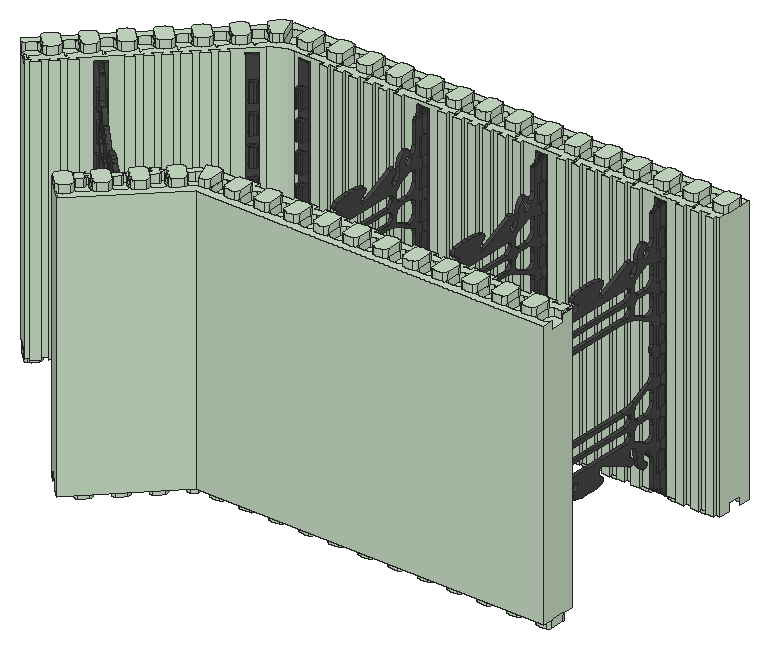
Revit family (continued)
Dimensions and locks (in)
  aligned and locked: cut or joined group 1 (Extrusion 1, Extrusion 4, Extrusion 5, Extrusion 6, Extrusion 7, Extrusion 8, Extrusion 9, Extrusion 10, Extrusion 11, Extrusion 12, Extrusion 13, Extrusion 14, Extrusion 15, Extrusion 16, Extrusion 17, Extrusion 18, Extrusion 19, Extrusion 20, Extrusion 21, Extrusion 22, Extrusion 23, Extrusion 24, Extrusion 25, Extrusion 26, Extrusion 27, Extrusion 28, Extrusion 29, Extrusion 30, Extrusion 31, Extrusion 32, Extrusion 33, Extrusion 34, Extrusion 35, Extrusion 36, Extrusion 37, Extrusion 38, Extrusion 39, Extrusion 40, Extrusion 41, Extrusion 42, Extrusion 43, Extrusion 44, Extrusion 45, Extrusion 46, Extrusion 47, Extrusion 48, Extrusion 49, Extrusion 50, Extrusion 51, Extrusion 52, Extrusion 53, Extrusion 54, Extrusion 55, Extrusion 56, Extrusion 57, Extrusion 58, Extrusion 59, Extrusion 60, Extrusion 61, Extrusion 62, Extrusion 63, Extrusion 64, Extrusion 65, Extrusion 66, Extrusion 67, Extrusion 68, Extrusion 69, Extrusion 70, Extrusion 71, Extrusion 72, Extrusion 73, Extrusion 74, Extrusion 75, Extrusion 76, Extrusion 77, Extrusion 78, Extrusion 79) to nested 86
  aligned and locked: nested 87 to nested 67
  aligned and locked: nested 88 to cut or joined group 1
Nested families (in)
  nested 1: "Interlock Tooth" at (24.95837, -3, 0), type "Interlock Tooth"
  nested 2: "Interlock Tooth" at (22.95837, -3, 0), type "Interlock Tooth"
  nested 3: "Interlock Tooth" at (20.95837, -3, 0), type "Interlock Tooth"
  nested 4: "Interlock Tooth" at (18.95837, -3, 0), type "Interlock Tooth"
  nested 5: "Interlock Tooth" at (16.95837, -3, 0), type "Interlock Tooth"
  nested 6: "Interlock Tooth" at (14.95837, -3, 0), type "Interlock Tooth"
  nested 7: "Interlock Tooth" at (12.95837, -3, 0), type "Interlock Tooth"
  nested 8: "Interlock Tooth" at (10.95837, -3, 0), type "Interlock Tooth"
  nested 9: "Interlock Tooth" at (8.95837, -3, 0), type "Interlock Tooth"
  nested 10: "Interlock Tooth" at (6.95837, -3, 0), type "Interlock Tooth"
  nested 11: "Interlock Tooth" at (-1.39702, -5.61518, 0) x (0.7071, 0.7071, 0) z (0, 0, 1), type "Interlock Tooth"
  nested 12: "Interlock Tooth" at (-2.81123, -7.02939, 0) x (0.7071, 0.7071, 0) z (0, 0, 1), type "Interlock Tooth"
  nested 13: "Interlock Tooth" at (-4.22544, -8.4436, 0) x (0.7071, 0.7071, 0) z (0, 0, 1), type "Interlock Tooth"
  nested 14: "Interlock Tooth" at (21.95837, 3, 0), type "Interlock Tooth"
  nested 15: "Interlock Tooth" at (19.95837, 3, 0), type "Interlock Tooth"
  nested 16: "Interlock Tooth" at (17.95837, 3, 0), type "Interlock Tooth"
  nested 17: "Interlock Tooth" at (15.95837, 3, 0), type "Interlock Tooth"
  nested 18: "Interlock Tooth" at (13.95837, 3, 0), type "Interlock Tooth"
  nested 19: "Interlock Tooth" at (11.95837, 3, 0), type "Interlock Tooth"
  nested 20: "Interlock Tooth" at (9.95837, 3, 0), type "Interlock Tooth"
  nested 21: "Interlock Tooth" at (7.95837, 3, 0), type "Interlock Tooth"
  nested 22: "Interlock Tooth" at (5.95837, 3, 0), type "Interlock Tooth"
  nested 23: "Interlock Tooth" at (3.95837, 3, 0), type "Interlock Tooth"
  nested 24: "Interlock Tooth" at (1.95837, 3, 0), type "Interlock Tooth"
  nested 25: "Interlock Tooth" at (-0.04163, 3, 0), type "Interlock Tooth"
  nested 26: "Interlock Tooth" at (-2.04163, 3, 0), type "Interlock Tooth"
  nested 27: "Interlock Tooth" at (-2.09188, 2.15076, 0) x (0.7071, 0.7071, 0) z (0, 0, 1), type "Interlock Tooth"
  nested 28: "Interlock Tooth" at (-3.5061, 0.73654, 0) x (0.7071, 0.7071, 0) z (0, 0, 1), type "Interlock Tooth"
  nested 29: "Interlock Tooth" at (-4.92031, -0.67767, 0) x (0.7071, 0.7071, 0) z (0, 0, 1), type "Interlock Tooth"
  nested 30: "Interlock Tooth" at (-6.33452, -2.09188, 0) x (0.7071, 0.7071, 0) z (0, 0, 1), type "Interlock Tooth"
  nested 31: "Interlock Tooth" at (-3.51834, -7.7365, -18.5) x (0.7071, 0.7071, 0) z (0, 0, 1), type "Interlock Tooth"
  nested 32: "Interlock Tooth" at (-2.10412, -6.32228, -18.5) x (0.7071, 0.7071, 0) z (0, 0, 1), type "Interlock Tooth"
  nested 33: "Interlock Tooth" at (-13.3172, 3.47658, -18.5) x (0.7071, 0.7071, 0) z (0, 0, 1), type "Interlock Tooth"
  nested 34: "Interlock Tooth" at (-11.90299, 4.8908, -18.5) x (0.7071, 0.7071, 0) z (0, 0, 1), type "Interlock Tooth"
  nested 35: "Interlock Tooth" at (-10.48878, 6.30501, -18.5) x (0.7071, 0.7071, 0) z (0, 0, 1), type "Interlock Tooth"
  nested 36: "Interlock Tooth" at (-9.07456, 7.71922, -18.5) x (0.7071, 0.7071, 0) z (0, 0, 1), type "Interlock Tooth"
  nested 37: "Interlock Tooth" at (-7.66035, 9.13344, -18.5) x (0.7071, 0.7071, 0) z (0, 0, 1), type "Interlock Tooth"
  nested 38: "Interlock Tooth" at (-0.04163, 3, -18.5) x (-1, 0, 0) z (0, 0, 1), type "Interlock Tooth"
  nested 39: "Interlock Tooth" at (1.95837, 3, -18.5) x (-1, 0, 0) z (0, 0, 1), type "Interlock Tooth"
  nested 40: "Interlock Tooth" at (3.95837, 3, -18.5) x (-1, 0, 0) z (0, 0, 1), type "Interlock Tooth"
  nested 41: "Interlock Tooth" at (5.95837, 3, -18.5) x (-1, 0, 0) z (0, 0, 1), type "Interlock Tooth"
  nested 42: "Interlock Tooth" at (7.95837, 3, -18.5) x (-1, 0, 0) z (0, 0, 1), type "Interlock Tooth"
  nested 43: "Interlock Tooth" at (9.95837, 3, -18.5) x (-1, 0, 0) z (0, 0, 1), type "Interlock Tooth"
  nested 44: "Interlock Tooth" at (11.95837, 3, -18.5) x (-1, 0, 0) z (0, 0, 1), type "Interlock Tooth"
  nested 45: "Interlock Tooth" at (13.95837, 3, -18.5) x (-1, 0, 0) z (0, 0, 1), type "Interlock Tooth"
  nested 46: "Interlock Tooth" at (15.95837, 3, -18.5) x (-1, 0, 0) z (0, 0, 1), type "Interlock Tooth"
  nested 47: "Interlock Tooth" at (17.95837, 3, -18.5) x (-1, 0, 0) z (0, 0, 1), type "Interlock Tooth"
  nested 48: "Interlock Tooth" at (19.95837, 3, -18.5) x (-1, 0, 0) z (0, 0, 1), type "Interlock Tooth"
  nested 49: "Interlock Tooth" at (21.95837, 3, -18.5) x (-1, 0, 0) z (0, 0, 1), type "Interlock Tooth"
  nested 50: "Interlock Tooth" at (26.95837, -3, -18.5) x (-1, 0, 0) z (0, 0, 1), type "Interlock Tooth"
  nested 51: "Interlock Tooth" at (24.95837, -3, -18.5) x (-1, 0, 0) z (0, 0, 1), type "Interlock Tooth"
  nested 52: "Interlock Tooth" at (22.95837, -3, -18.5) x (-1, 0, 0) z (0, 0, 1), type "Interlock Tooth"
  nested 53: "Interlock Tooth" at (20.95837, -3, -18.5) x (-1, 0, 0) z (0, 0, 1), type "Interlock Tooth"
  nested 54: "Interlock Tooth" at (18.95837, -3, -18.5) x (-1, 0, 0) z (0, 0, 1), type "Interlock Tooth"
  nested 55: "Interlock Tooth" at (16.95837, -3, -18.5) x (-1, 0, 0) z (0, 0, 1), type "Interlock Tooth"
  nested 56: "Interlock Tooth" at (14.95837, -3, -18.5) x (-1, 0, 0) z (0, 0, 1), type "Interlock Tooth"
  nested 57: "Interlock Tooth" at (12.95837, -3, -18.5) x (-1, 0, 0) z (0, 0, 1), type "Interlock Tooth"
  nested 58: "Interlock Tooth" at (10.95837, -3, -18.5) x (-1, 0, 0) z (0, 0, 1), type "Interlock Tooth"
  nested 59: "Interlock Tooth" at (8.95837, -3, -18.5) x (-1, 0, 0) z (0, 0, 1), type "Interlock Tooth"
  nested 60: "Interlock Tooth" at (6.95837, -3, -18.5) x (-1, 0, 0) z (0, 0, 1), type "Interlock Tooth"
  nested 61: "Capture Lugs" at (-1.04163, 3, 0) x (-1, 0, 0) z (0, 0, 1), type "Capture Lugs"
  nested 62: "Capture Lugs" at (-1.38478, 2.85786, 0) x (-0.7071, -0.7071, 0) z (0, 0, 1), type "Capture Lugs"
  nested 63: "NUDURA Diamond Pattern" at (18.95837, -3.01154, 0), type "NUDURA Diamond Pattern"
  nested 64: "NUDURA Diamond Pattern" at (2.95837, -3, 0), type "NUDURA Diamond Pattern"
  nested 65: "NUDURA Diamond Pattern" at (18.95837, 3, 0), type "NUDURA Diamond Pattern"
  nested 66: "NUDURA Diamond Pattern" at (10.95837, 3, 0), type "NUDURA Diamond Pattern"
  nested 67: "NUDURA Logo Diamond" at (-2.53564, 9.66196, 0) x (-0.7071, -0.7071, 0) z (0, 0, 1), type "NUDURA Logo Diamond"
  nested 68: "NUDURA Logo Diamond" at (2.96093, -8.625, 0), type "NUDURA Logo Diamond"
  nested 69: "NUDURA Logo Diamond Missing Outside Line" at (18.95581, 8.625, 0) x (-1, 0, 0) z (0, 0, 1), type "NUDURA Logo Diamond without Outside Line"
  nested 70: "Interlock Tooth" at (23.95837, 3, 0), type "Interlock Tooth"
  nested 71: "Interlock Tooth" at (23.95837, 3, -18.5) x (-1, 0, 0) z (0, 0, 1), type "Interlock Tooth"
  nested 72: "Interlock Tooth" at (-7.74874, -3.5061, 0) x (0.7071, 0.7071, 0) z (0, 0, 1), type "Interlock Tooth"
  nested 73: "Interlock Tooth" at (-14.73142, 2.06237, -18.5) x (0.7071, 0.7071, 0) z (0, 0, 1), type "Interlock Tooth"
  nested 74: "Interlock Tooth" at (4.95837, -3, 0), type "Interlock Tooth"
  nested 75: "Interlock Tooth" at (-4.93255, -9.15071, -18.5) x (0.7071, 0.7071, 0) z (0, 0, 1), type "Interlock Tooth"
  nested 76: "Interlock Tooth" at (25.95837, 3, 0), type "Interlock Tooth"
  nested 77: "Interlock Tooth" at (25.95837, 3, -18.5) x (-1, 0, 0) z (0, 0, 1), type "Interlock Tooth"
  nested 78: "Interlock Tooth" at (-9.16295, -4.92031, 0) x (0.7071, 0.7071, 0) z (0, 0, 1), type "Interlock Tooth"
  nested 79: "Interlock Tooth" at (-5.63966, -9.85782, 0) x (0.7071, 0.7071, 0) z (0, 0, 1), type "Interlock Tooth"
  nested 80: "Interlock Tooth" at (4.95837, -3, -18.5) x (-1, 0, 0) z (0, 0, 1), type "Interlock Tooth"
  nested 81: "Interlock Tooth" at (-16.14563, 0.64816, -18.5) x (0.7071, 0.7071, 0) z (0, 0, 1), type "Interlock Tooth"
  nested 82: "12-inch Insert Web" at (22.95837, 0, 0), type "12-inch Insert Web"
  nested 83: "12-inch Insert Web" at (14.95837, 0, 0), type "12-inch Insert Web"
  nested 84: "12-inch Insert Web" at (6.95837, 0, 0), type "12-inch Insert Web"
  nested 85: "12-inch Insert Web" at (-4.92031, -4.92031, 0) x (0.7071, 0.7071, 0) z (0, 0, 1), type "12-inch Insert Web"
  nested 86: "NUDURA Diamond Pattern" at (-5.04163, 14.25, 0), type "NUDURA Diamond Pattern"
  nested 87: "NUDURA Diamond Pattern" at (1.44365, 5.68629, 0) x (-0.7071, -0.7071, 0) z (0, 0, 1), type "NUDURA Diamond Pattern"
  nested 88: "NUDURA Diamond Pattern Missing One Line" at (-5.62742, -9.87006, 0) x (0.7071, 0.7071, 0) z (0, 0, 1), type "NUDURA Diamond Pattern Missing One Line"
Definition of nested family "Interlock Tooth"
  Reference planes (in)
    plane 1 "Center (Front/Back)": y = 0
    plane 2: z = 0
    plane 3 "Center (Left/Right)": x = 0
    plane 4: z = 18
    plane 5: z = 18.5
    plane 6: z = -0.5
  Forms (in)
    Extrusion 1, solid, material "NUDURA Expanded Polystyrene Foam Insulation"
      sketch origin (0, -8.875, 0) x (1, 0, 0) y (0, 1, 0)
        loop
          arc (0, 3.97692) -> (0.04785, 3.82983) -> (0.17308, 3.73905) r 0.25
          arc (0.17308, 3.73905) -> (0.5, 3.6875) -> (0.82692, 3.73905) r 1.0625
          arc (0.82692, 3.73905) -> (0.95215, 3.82983) -> (1, 3.97692) r 0.25
          line (1, 3.97692) -> (1, 4.89808)
          arc (1, 4.89808) -> (0.95215, 5.04517) -> (0.82692, 5.13595) r 0.25
          arc (0.82692, 5.13595) -> (0.5, 5.1875) -> (0.17308, 5.13595) r 1.0625
          arc (0.17308, 5.13595) -> (0.04785, 5.04517) -> (0, 4.89808) r 0.25
          line (0, 4.89808) -> (0, 3.97692)
      from 18 to 18.5
  Dimensions and locks (in)
    locked: plane 4 to level at 18
    locked: plane 4 to plane 5 at 0.5
    locked: plane 6 to level at 0.5
Definition of nested family "Capture Lugs"
  Reference planes (in)
    plane 1 "Center (Front/Back)": y = 0
    plane 2: z = 0
    plane 3 "Center (Left/Right)": x = 0
  Forms (in)
    Extrusion 1, solid, material "High Density Polystyrene"
      sketch origin (0, 0, 0) x (0, 1, 0) y (0, 0, 1)
        loop
          arc (-3.25, 0) -> (-3.22112, 0.01975) -> (-3.21, 0.05292) r 0.055
          line (-3.21, 0.05292) -> (-3.21, 17.69292)
          arc (-3.21, 17.69292) -> (-3.22112, 17.72608) -> (-3.25, 17.74583) r 0.055
          line (-3.25, 17.74583) -> (-3.25, 0)
      from 0.36328 to -0.36328
    Extrusion 2, solid, material "High Density Polystyrene"
      sketch origin (0, 0, 0) x (0, 1, 0) y (0, 0, 1)
        loop
          line (-3.21, 16.17792) -> (-3.21, 14.97792) -> (-2.71, 14.97792) -> (-2.71, 16.17792) -> (-3.21, 16.17792)
        loop
          line (-3.21, 14.22792) -> (-3.21, 13.02792) -> (-2.71, 13.02792) -> (-2.71, 14.22792) -> (-3.21, 14.22792)
        loop
          line (-3.21, 12.27792) -> (-3.21, 11.07792) -> (-2.71, 11.07792) -> (-2.71, 12.27792) -> (-3.21, 12.27792)
        loop
          line (-3.21, 10.32792) -> (-3.21, 9.24792) -> (-2.71, 9.24792) -> (-2.71, 10.32792) -> (-3.21, 10.32792)
        loop
          line (-3.21, 8.49792) -> (-3.21, 7.41792) -> (-2.71, 7.41792) -> (-2.71, 8.49792) -> (-3.21, 8.49792)
        loop
          line (-3.21, 6.66792) -> (-3.21, 5.46792) -> (-2.71, 5.46792) -> (-2.71, 6.66792) -> (-3.21, 6.66792)
        loop
          line (-3.21, 4.71792) -> (-3.21, 3.51792) -> (-2.71, 3.51792) -> (-2.71, 4.71792) -> (-3.21, 4.71792)
        loop
          line (-3.21, 2.76792) -> (-3.21, 1.56792) -> (-2.71, 1.56792) -> (-2.71, 2.76792) -> (-3.21, 2.76792)
      from 0.25 to -0.25
    Extrusion 3, void
      sketch origin (0, 0, 0) x (1, 0, 0) y (0, 1, 0)
        loop
          arc (-0.25, -2.79249) -> (-0.22584, -2.73416) -> (-0.1675, -2.71) r 0.0825
          line (-0.1675, -2.71) -> (-0.25, -2.71) -> (-0.25, -2.79249)
      from 0 to 18
    Extrusion 4, void
      sketch origin (0, 0, 0) x (-1, 0, 0) y (0, -1, 0)
        loop
          line (-0.25, 2.79249) -> (-0.25, 2.71) -> (-0.1675, 2.71)
          arc (-0.1675, 2.71) -> (-0.22584, 2.73416) -> (-0.25, 2.79249) r 0.0825
      from 0 to 18
    Extrusion 5, void
      sketch origin (0, 0, 0) x (1, 0, 0) y (0, 1, 0)
        loop
          arc (-0.04687, -2.835) -> (0, -3.07587) -> (0.04688, -2.835) r 0.125
          line (0.04688, -2.835) -> (0.04688, -2.71) -> (-0.04687, -2.71) -> (-0.04687, -2.835)
      from 0 to 18
  Cuts and joins
    Extrusion 3, Extrusion 4 cuts Extrusion 1
    Extrusion 3, Extrusion 4, Extrusion 5 cuts Extrusion 2
Definition of nested family "12-inch Insert Web"
  Reference planes (in)
    plane 1 "Center (Front/Back)": y = 0
    plane 2: z = 0
    plane 3 "Center (Left/Right)": x = 0
  Forms (in)
    Extrusion 1, solid, material "High Density Polystyrene"
      sketch origin (0, 0, 0) x (0, 1, 0) y (0, 0, 1)
        loop
          line (6.25, 0) -> (6.25, 17.74583)
          arc (6.25, 17.74583) -> (6.22112, 17.72608) -> (6.21, 17.69292) r 0.055
          line (6.21, 17.69292) -> (6.21, 0.05292)
          arc (6.21, 0.05292) -> (6.22112, 0.01975) -> (6.25, 0) r 0.055
        loop
          arc (-6.25, 0) -> (-6.22112, 0.01975) -> (-6.21, 0.05292) r 0.055
          line (-6.21, 0.05292) -> (-6.21, 17.69292)
          arc (-6.21, 17.69292) -> (-6.22112, 17.72608) -> (-6.25, 17.74583) r 0.055
          line (-6.25, 17.74583) -> (-6.25, 0)
      from 0.36328 to -0.36328
    Extrusion 2, solid, material "High Density Polystyrene"
      sketch origin (0, 0, 0) x (0, 1, 0) y (0, 0, 1)
        loop
          arc (6.18889, 17.40785) -> (6.20374, 17.40241) -> (6.21, 17.38789) r 0.02
          line (6.21, 17.38789) -> (6.21, 17.63668)
          arc (6.21, 17.63668) -> (6.20585, 17.62147) -> (6.19457, 17.61045) r 0.03
          line (6.19457, 17.61045) -> (6.12543, 17.57204)
          arc (6.12543, 17.57204) -> (6.11414, 17.56103) -> (6.11, 17.54582) r 0.03
          line (6.11, 17.54582) -> (6.11, 17.42461)
          arc (6.11, 17.42461) -> (6.11625, 17.41008) -> (6.13111, 17.40464) r 0.02
          line (6.13111, 17.40464) -> (6.18889, 17.40785)
        loop
          line (-6.12543, 17.57204) -> (-6.19457, 17.61045)
          arc (-6.19457, 17.61045) -> (-6.20585, 17.62147) -> (-6.21, 17.63668) r 0.03
          line (-6.21, 17.63668) -> (-6.21, 17.38789)
          arc (-6.21, 17.38789) -> (-6.20374, 17.40241) -> (-6.18889, 17.40785) r 0.02
          line (-6.18889, 17.40785) -> (-6.13111, 17.40464)
          arc (-6.13111, 17.40464) -> (-6.11625, 17.41008) -> (-6.11, 17.42461) r 0.02
          line (-6.11, 17.42461) -> (-6.11, 17.54582)
          arc (-6.11, 17.54582) -> (-6.11414, 17.56103) -> (-6.12543, 17.57204) r 0.03
        loop
          line (6.18889, 0.33798) -> (6.13111, 0.34119)
          arc (6.13111, 0.34119) -> (6.11625, 0.33575) -> (6.11, 0.32122) r 0.02
          line (6.11, 0.32122) -> (6.11, 0.20001)
          arc (6.11, 0.20001) -> (6.11414, 0.1848) -> (6.12543, 0.17379) r 0.03
          line (6.12543, 0.17379) -> (6.19457, 0.13538)
          arc (6.19457, 0.13538) -> (6.20585, 0.12437) -> (6.21, 0.10915) r 0.03
          line (6.21, 0.10915) -> (6.21, 0.35795)
          arc (6.21, 0.35795) -> (6.20374, 0.34342) -> (6.18889, 0.33798) r 0.02
        loop
          arc (-6.12543, 0.17379) -> (-6.11414, 0.1848) -> (-6.11, 0.20001) r 0.03
          line (-6.11, 0.20001) -> (-6.11, 0.32122)
          arc (-6.11, 0.32122) -> (-6.11625, 0.33575) -> (-6.13111, 0.34119) r 0.02
          line (-6.13111, 0.34119) -> (-6.18889, 0.33798)
          arc (-6.18889, 0.33798) -> (-6.20374, 0.34342) -> (-6.21, 0.35795) r 0.02
          line (-6.21, 0.35795) -> (-6.21, 0.10915)
          arc (-6.21, 0.10915) -> (-6.20585, 0.12437) -> (-6.19457, 0.13538) r 0.03
          line (-6.19457, 0.13538) -> (-6.12543, 0.17379)
        loop
          line (6, 17.20772) -> (5.925, 17.43772)
          arc (5.925, 17.43772) -> (5.875, 17.46772) -> (5.825, 17.43772) r 0.05667
          line (5.825, 17.43772) -> (5.77609, 17.28772) -> (5.64893, 17.28772)
          arc (5.64893, 17.28772) -> (5.61433, 17.27339) -> (5.6, 17.2388) r 0.04893
          line (5.6, 17.2388) -> (5.6, 17.20772) -> (5.5, 17.20772) -> (5.5, 15.75595)
          arc (5.5, 15.75595) -> (5.43087, 15.489) -> (5.24086, 15.28915) r 0.55
          arc (5.24086, 15.28915) -> (5.19232, 15.23289) -> (5.1843, 15.15901) r 0.125
          arc (5.1843, 15.15901) -> (4.73923, 14.83241) -> (4.77171, 15.3835) r 0.305
          arc (4.77171, 15.3835) -> (4.89426, 15.66948) -> (4.60829, 15.79202) r 0.22
          arc (4.60829, 15.79202) -> (4.25428, 15.49683) -> (4.14171, 15.04986) r 0.745
          arc (4.14171, 15.04986) -> (4.09808, 14.63491) -> (3.96932, 14.23805) r 2
          arc (3.96932, 14.23805) -> (3.47025, 14.23431) -> (3.63581, 14.70513) r 0.305
          arc (3.63581, 14.70513) -> (3.78874, 15.03658) -> (3.43743, 15.1357) r 0.24
          line (3.43743, 15.1357) -> (1.31021, 14.13634)
          arc (1.31021, 14.13634) -> (0.87667, 14.28198) -> (1.07505, 14.69406) r 0.305
          arc (1.07505, 14.69406) -> (1.24991, 14.91838) -> (1.08783, 15.15211) r 0.24
          arc (1.08783, 15.15211) -> (0.76801, 15.23299) -> (0.43924, 15.2602) r 2
          line (0.43924, 15.2602) -> (0, 15.2602) -> (-0.43924, 15.2602)
          arc (-0.43924, 15.2602) -> (-0.76801, 15.23299) -> (-1.08783, 15.15211) r 2
          arc (-1.08783, 15.15211) -> (-1.24991, 14.91838) -> (-1.07505, 14.69406) r 0.24
          arc (-1.07505, 14.69406) -> (-0.87667, 14.28198) -> (-1.31021, 14.13634) r 0.305
          line (-1.31021, 14.13634) -> (-3.43743, 15.1357)
          arc (-3.43743, 15.1357) -> (-3.78874, 15.03658) -> (-3.63581, 14.70513) r 0.24
          arc (-3.63581, 14.70513) -> (-3.47025, 14.23431) -> (-3.96932, 14.23805) r 0.305
          arc (-3.96932, 14.23805) -> (-4.09808, 14.63491) -> (-4.14171, 15.04986) r 2
          arc (-4.14171, 15.04986) -> (-4.25428, 15.49683) -> (-4.60829, 15.79202) r 0.745
          arc (-4.60829, 15.79202) -> (-4.89426, 15.66948) -> (-4.77171, 15.3835) r 0.22
          arc (-4.77171, 15.3835) -> (-4.73923, 14.83241) -> (-5.1843, 15.15901) r 0.305
          arc (-5.1843, 15.15901) -> (-5.19232, 15.23289) -> (-5.24086, 15.28915) r 0.125
          arc (-5.24086, 15.28915) -> (-5.43087, 15.489) -> (-5.5, 15.75595) r 0.55
          line (-5.5, 15.75595) -> (-5.5, 17.20772) -> (-5.6, 17.20772) -> (-5.6, 17.2388)
          arc (-5.6, 17.2388) -> (-5.61433, 17.27339) -> (-5.64893, 17.28772) r 0.04893
          line (-5.64893, 17.28772) -> (-5.77609, 17.28772) -> (-5.825, 17.43772)
          arc (-5.825, 17.43772) -> (-5.875, 17.46772) -> (-5.925, 17.43772) r 0.05667
          line (-5.925, 17.43772) -> (-6, 17.20772) -> (-6, 0.66519) -> (-5.925, 0.43519)
          arc (-5.925, 0.43519) -> (-5.875, 0.40519) -> (-5.825, 0.43519) r 0.05667
          line (-5.825, 0.43519) -> (-5.77609, 0.58519) -> (-5.64893, 0.58519)
          arc (-5.64893, 0.58519) -> (-5.61433, 0.59952) -> (-5.6, 0.63412) r 0.04893
          line (-5.6, 0.63412) -> (-5.6, 0.66519) -> (-5.5, 0.66519) -> (-5.5, 2.24405)
          arc (-5.5, 2.24405) -> (-5.43087, 2.511) -> (-5.24086, 2.71085) r 0.55
          arc (-5.24086, 2.71085) -> (-5.19232, 2.76711) -> (-5.1843, 2.84099) r 0.125
          arc (-5.1843, 2.84099) -> (-4.73923, 3.16759) -> (-4.77171, 2.6165) r 0.305
          arc (-4.77171, 2.6165) -> (-4.89426, 2.33052) -> (-4.60829, 2.20798) r 0.22
          arc (-4.60829, 2.20798) -> (-4.25428, 2.50317) -> (-4.14171, 2.95014) r 0.745
          arc (-4.14171, 2.95014) -> (-4.09808, 3.36509) -> (-3.96932, 3.76195) r 2
          arc (-3.96932, 3.76195) -> (-3.47025, 3.76569) -> (-3.63581, 3.29487) r 0.305
          arc (-3.63581, 3.29487) -> (-3.78874, 2.96342) -> (-3.43743, 2.8643) r 0.24
          line (-3.43743, 2.8643) -> (-1.31021, 3.86366)
          arc (-1.31021, 3.86366) -> (-0.87667, 3.71802) -> (-1.07505, 3.30594) r 0.305
          arc (-1.07505, 3.30594) -> (-1.24991, 3.08162) -> (-1.08783, 2.84789) r 0.24
          arc (-1.08783, 2.84789) -> (-0.76801, 2.76701) -> (-0.43924, 2.7398) r 2
          line (-0.43924, 2.7398) -> (0, 2.7398) -> (0.43924, 2.7398)
          arc (0.43924, 2.7398) -> (0.76801, 2.76701) -> (1.08783, 2.84789) r 2
          arc (1.08783, 2.84789) -> (1.24991, 3.08162) -> (1.07505, 3.30594) r 0.24
          arc (1.07505, 3.30594) -> (0.87667, 3.71802) -> (1.31021, 3.86366) r 0.305
          line (1.31021, 3.86366) -> (3.43743, 2.8643)
          arc (3.43743, 2.8643) -> (3.78874, 2.96342) -> (3.63581, 3.29487) r 0.24
          arc (3.63581, 3.29487) -> (3.47025, 3.76569) -> (3.96932, 3.76195) r 0.305
          arc (3.96932, 3.76195) -> (4.09808, 3.36509) -> (4.14171, 2.95014) r 2
          arc (4.14171, 2.95014) -> (4.25428, 2.50317) -> (4.60829, 2.20798) r 0.745
          arc (4.60829, 2.20798) -> (4.89426, 2.33052) -> (4.77171, 2.6165) r 0.22
          arc (4.77171, 2.6165) -> (4.73923, 3.16759) -> (5.1843, 2.84099) r 0.305
          arc (5.1843, 2.84099) -> (5.19232, 2.76711) -> (5.24086, 2.71085) r 0.125
          arc (5.24086, 2.71085) -> (5.43087, 2.511) -> (5.5, 2.24405) r 0.55
          line (5.5, 2.24405) -> (5.5, 0.66519) -> (5.6, 0.66519) -> (5.6, 0.63412)
          arc (5.6, 0.63412) -> (5.61433, 0.59952) -> (5.64893, 0.58519) r 0.04893
          line (5.64893, 0.58519) -> (5.77609, 0.58519) -> (5.825, 0.43519)
          arc (5.825, 0.43519) -> (5.875, 0.40519) -> (5.925, 0.43519) r 0.05667
          line (5.925, 0.43519) -> (6, 0.66519) -> (6, 17.20772)
        loop
          arc (3.02319, 4.29202) -> (3.16251, 4.2877) -> (3.3013, 4.27477) r 2.25
          arc (3.3013, 4.27477) -> (3.48148, 4.41353) -> (3.6, 4.60763) r 0.62421
          line (3.6, 4.60763) -> (3.6, 4.73363)
          arc (3.6, 4.73363) -> (3.4551, 4.96314) -> (3.22579, 5.10835) r 0.61747
          line (3.22579, 5.10835) -> (0, 5.10835) -> (-3.22579, 5.10835)
          arc (-3.22579, 5.10835) -> (-3.4551, 4.96314) -> (-3.6, 4.73363) r 0.61747
          line (-3.6, 4.73363) -> (-3.6, 4.60763)
          arc (-3.6, 4.60763) -> (-3.48148, 4.41353) -> (-3.3013, 4.27477) r 0.62421
          arc (-3.3013, 4.27477) -> (-3.16251, 4.2877) -> (-3.02319, 4.29202) r 2.25
          line (-3.02319, 4.29202) -> (0, 4.29202) -> (3.02319, 4.29202)
        loop
          line (4.08806, 4.02826) -> (4.96605, 3.61736)
          arc (4.96605, 3.61736) -> (5.32627, 3.64059) -> (5.5, 3.95701) r 0.375
          line (5.5, 3.95701) -> (5.5, 4.48373)
          arc (5.5, 4.48373) -> (5.31694, 4.92567) -> (4.875, 5.10873) r 0.625
          line (4.875, 5.10873) -> (4.3, 5.10873)
          arc (4.3, 5.10873) -> (3.94645, 4.96229) -> (3.8, 4.60873) r 0.5
          line (3.8, 4.60873) -> (3.8, 4.48112)
          arc (3.8, 4.48112) -> (3.87812, 4.21276) -> (4.08806, 4.02826) r 0.5
        loop
          line (5.5, 5.91373) -> (5.5, 6.44046)
          arc (5.5, 6.44046) -> (5.32627, 6.75687) -> (4.96605, 6.78011) r 0.375
          line (4.96605, 6.78011) -> (4.08806, 6.36921)
          arc (4.08806, 6.36921) -> (3.87812, 6.18471) -> (3.8, 5.91635) r 0.5
          line (3.8, 5.91635) -> (3.8, 5.78873)
          arc (3.8, 5.78873) -> (3.94645, 5.43518) -> (4.3, 5.28873) r 0.5
          line (4.3, 5.28873) -> (4.875, 5.28873)
          arc (4.875, 5.28873) -> (5.31694, 5.47179) -> (5.5, 5.91373) r 0.625
        loop
          arc (3.30123, 6.1222) -> (3.16288, 6.10935) -> (3.02401, 6.10506) r 2.25
          line (3.02401, 6.10506) -> (0, 6.10506) -> (-3.02401, 6.10506)
          arc (-3.02401, 6.10506) -> (-3.16288, 6.10935) -> (-3.30123, 6.1222) r 2.25
          arc (-3.30123, 6.1222) -> (-3.48146, 5.98344) -> (-3.6, 5.7893) r 0.62421
          line (-3.6, 5.7893) -> (-3.6, 5.66335)
          arc (-3.6, 5.66335) -> (-3.45481, 5.43354) -> (-3.225, 5.28835) r 0.61747
          line (-3.225, 5.28835) -> (0, 5.28835) -> (3.225, 5.28835)
          arc (3.225, 5.28835) -> (3.45481, 5.43354) -> (3.6, 5.66335) r 0.61747
          line (3.6, 5.66335) -> (3.6, 5.7893)
          arc (3.6, 5.7893) -> (3.48146, 5.98344) -> (3.30123, 6.1222) r 0.62421
        loop
          arc (-4.08806, 4.02826) -> (-3.87812, 4.21276) -> (-3.8, 4.48112) r 0.5
          line (-3.8, 4.48112) -> (-3.8, 4.60873)
          arc (-3.8, 4.60873) -> (-3.94645, 4.96229) -> (-4.3, 5.10873) r 0.5
          line (-4.3, 5.10873) -> (-4.875, 5.10873)
          arc (-4.875, 5.10873) -> (-5.31694, 4.92567) -> (-5.5, 4.48373) r 0.625
          line (-5.5, 4.48373) -> (-5.5, 3.95701)
          arc (-5.5, 3.95701) -> (-5.32627, 3.64059) -> (-4.96605, 3.61736) r 0.375
          line (-4.96605, 3.61736) -> (-4.08806, 4.02826)
        loop
          arc (-5.5, 5.91373) -> (-5.31694, 5.47179) -> (-4.875, 5.28873) r 0.625
          line (-4.875, 5.28873) -> (-4.3, 5.28873)
          arc (-4.3, 5.28873) -> (-3.94645, 5.43518) -> (-3.8, 5.78873) r 0.5
          line (-3.8, 5.78873) -> (-3.8, 5.91635)
          arc (-3.8, 5.91635) -> (-3.87812, 6.18471) -> (-4.08806, 6.36921) r 0.5
          line (-4.08806, 6.36921) -> (-4.96605, 6.78011)
          arc (-4.96605, 6.78011) -> (-5.32627, 6.75687) -> (-5.5, 6.44046) r 0.375
          line (-5.5, 6.44046) -> (-5.5, 5.91373)
        loop
          line (5.5, 7.54678) -> (5.5, 8.68765) -> (5.38, 8.88765) -> (5.38, 9) -> (5.38, 9.11235) -> (5.5, 9.31235) -> (5.5, 10.45322)
          arc (5.5, 10.45322) -> (5.42188, 10.72158) -> (5.21194, 10.90608) r 0.5
          line (5.21194, 10.90608) -> (3.95372, 11.49492)
          arc (3.95372, 11.49492) -> (3.48851, 11.65338) -> (3, 11.70705) r 2.25
          line (3, 11.70705) -> (0, 11.70705) -> (-3, 11.70705)
          arc (-3, 11.70705) -> (-3.48851, 11.65338) -> (-3.95372, 11.49492) r 2.25
          line (-3.95372, 11.49492) -> (-5.21194, 10.90608)
          arc (-5.21194, 10.90608) -> (-5.42188, 10.72158) -> (-5.5, 10.45322) r 0.5
          line (-5.5, 10.45322) -> (-5.5, 9.31235) -> (-5.38, 9.11235) -> (-5.38, 9) -> (-5.38, 8.88765) -> (-5.5, 8.68765) -> (-5.5, 7.54678)
          arc (-5.5, 7.54678) -> (-5.42188, 7.27842) -> (-5.21194, 7.09392) r 0.5
          line (-5.21194, 7.09392) -> (-3.95372, 6.50508)
          arc (-3.95372, 6.50508) -> (-3.48851, 6.34662) -> (-3, 6.29295) r 2.25
          line (-3, 6.29295) -> (0, 6.29295) -> (3, 6.29295)
          arc (3, 6.29295) -> (3.48851, 6.34662) -> (3.95372, 6.50508) r 2.25
          line (3.95372, 6.50508) -> (5.21194, 7.09392)
          arc (5.21194, 7.09392) -> (5.42188, 7.27842) -> (5.5, 7.54678) r 0.5
        loop
          line (3.02319, 13.70798) -> (0, 13.70798) -> (-3.02319, 13.70798)
          arc (-3.02319, 13.70798) -> (-3.16251, 13.7123) -> (-3.3013, 13.72523) r 2.25
          arc (-3.3013, 13.72523) -> (-3.48148, 13.58647) -> (-3.6, 13.39237) r 0.62421
          line (-3.6, 13.39237) -> (-3.6, 13.26637)
          arc (-3.6, 13.26637) -> (-3.4551, 13.03686) -> (-3.22579, 12.89165) r 0.61747
          line (-3.22579, 12.89165) -> (0, 12.89165) -> (3.22579, 12.89165)
          arc (3.22579, 12.89165) -> (3.4551, 13.03686) -> (3.6, 13.26637) r 0.61747
          line (3.6, 13.26637) -> (3.6, 13.39237)
          arc (3.6, 13.39237) -> (3.48148, 13.58647) -> (3.3013, 13.72523) r 0.62421
          arc (3.3013, 13.72523) -> (3.16251, 13.7123) -> (3.02319, 13.70798) r 2.25
        loop
          arc (4.08806, 13.97174) -> (3.87812, 13.78724) -> (3.8, 13.51888) r 0.5
          line (3.8, 13.51888) -> (3.8, 13.39127)
          arc (3.8, 13.39127) -> (3.94645, 13.03771) -> (4.3, 12.89127) r 0.5
          line (4.3, 12.89127) -> (4.875, 12.89127)
          arc (4.875, 12.89127) -> (5.31694, 13.07433) -> (5.5, 13.51627) r 0.625
          line (5.5, 13.51627) -> (5.5, 14.04299)
          arc (5.5, 14.04299) -> (5.32627, 14.35941) -> (4.96605, 14.38264) r 0.375
          line (4.96605, 14.38264) -> (4.08806, 13.97174)
        loop
          arc (5.5, 12.08627) -> (5.31694, 12.52821) -> (4.875, 12.71127) r 0.625
          line (4.875, 12.71127) -> (4.3, 12.71127)
          arc (4.3, 12.71127) -> (3.94645, 12.56482) -> (3.8, 12.21127) r 0.5
          line (3.8, 12.21127) -> (3.8, 12.08365)
          arc (3.8, 12.08365) -> (3.87812, 11.81529) -> (4.08806, 11.63079) r 0.5
          line (4.08806, 11.63079) -> (4.96605, 11.21989)
          arc (4.96605, 11.21989) -> (5.32627, 11.24313) -> (5.5, 11.55954) r 0.375
          line (5.5, 11.55954) -> (5.5, 12.08627)
        loop
          arc (3.30123, 11.8778) -> (3.48146, 12.01656) -> (3.6, 12.2107) r 0.62421
          line (3.6, 12.2107) -> (3.6, 12.33665)
          arc (3.6, 12.33665) -> (3.45481, 12.56646) -> (3.225, 12.71165) r 0.61747
          line (3.225, 12.71165) -> (0, 12.71165) -> (-3.225, 12.71165)
          arc (-3.225, 12.71165) -> (-3.45481, 12.56646) -> (-3.6, 12.33665) r 0.61747
          line (-3.6, 12.33665) -> (-3.6, 12.2107)
          arc (-3.6, 12.2107) -> (-3.48146, 12.01656) -> (-3.30123, 11.8778) r 0.62421
          arc (-3.30123, 11.8778) -> (-3.16288, 11.89065) -> (-3.02401, 11.89494) r 2.25
          line (-3.02401, 11.89494) -> (0, 11.89494) -> (3.02401, 11.89494)
          arc (3.02401, 11.89494) -> (3.16288, 11.89065) -> (3.30123, 11.8778) r 2.25
        loop
          line (-4.08806, 13.97174) -> (-4.96605, 14.38264)
          arc (-4.96605, 14.38264) -> (-5.32627, 14.35941) -> (-5.5, 14.04299) r 0.375
          line (-5.5, 14.04299) -> (-5.5, 13.51627)
          arc (-5.5, 13.51627) -> (-5.31694, 13.07433) -> (-4.875, 12.89127) r 0.625
          line (-4.875, 12.89127) -> (-4.3, 12.89127)
          arc (-4.3, 12.89127) -> (-3.94645, 13.03771) -> (-3.8, 13.39127) r 0.5
          line (-3.8, 13.39127) -> (-3.8, 13.51888)
          arc (-3.8, 13.51888) -> (-3.87812, 13.78724) -> (-4.08806, 13.97174) r 0.5
        loop
          line (-5.5, 12.08627) -> (-5.5, 11.55954)
          arc (-5.5, 11.55954) -> (-5.32627, 11.24313) -> (-4.96605, 11.21989) r 0.375
          line (-4.96605, 11.21989) -> (-4.08806, 11.63079)
          arc (-4.08806, 11.63079) -> (-3.87812, 11.81529) -> (-3.8, 12.08365) r 0.5
          line (-3.8, 12.08365) -> (-3.8, 12.21127)
          arc (-3.8, 12.21127) -> (-3.94645, 12.56482) -> (-4.3, 12.71127) r 0.5
          line (-4.3, 12.71127) -> (-4.875, 12.71127)
          arc (-4.875, 12.71127) -> (-5.31694, 12.52821) -> (-5.5, 12.08627) r 0.625
      from 0.125 to -0.125
    Extrusion 3, solid, material "High Density Polystyrene"
      sketch origin (0, 0, 0) x (0, 1, 0) y (0, 0, 1)
        loop
          line (6.21, 16.17792) -> (5.71, 16.17792) -> (5.71, 14.97792) -> (6.21, 14.97792) -> (6.21, 16.17792)
        loop
          line (6.21, 14.22792) -> (5.71, 14.22792) -> (5.71, 13.02792) -> (6.21, 13.02792) -> (6.21, 14.22792)
        loop
          line (6.21, 12.27792) -> (5.71, 12.27792) -> (5.71, 11.07792) -> (6.21, 11.07792) -> (6.21, 12.27792)
        loop
          line (6.21, 10.32792) -> (5.71, 10.32792) -> (5.71, 9.24792) -> (6.21, 9.24792) -> (6.21, 10.32792)
        loop
          line (6.21, 8.49792) -> (5.71, 8.49792) -> (5.71, 7.41792) -> (6.21, 7.41792) -> (6.21, 8.49792)
        loop
          line (6.21, 6.66792) -> (5.71, 6.66792) -> (5.71, 5.46792) -> (6.21, 5.46792) -> (6.21, 6.66792)
        loop
          line (6.21, 4.71792) -> (5.71, 4.71792) -> (5.71, 3.51792) -> (6.21, 3.51792) -> (6.21, 4.71792)
        loop
          line (6.21, 2.76792) -> (5.71, 2.76792) -> (5.71, 1.56792) -> (6.21, 1.56792) -> (6.21, 2.76792)
        loop
          line (-6.21, 16.17792) -> (-6.21, 14.97792) -> (-5.71, 14.97792) -> (-5.71, 16.17792) -> (-6.21, 16.17792)
        loop
          line (-6.21, 14.22792) -> (-6.21, 13.02792) -> (-5.71, 13.02792) -> (-5.71, 14.22792) -> (-6.21, 14.22792)
        loop
          line (-6.21, 12.27792) -> (-6.21, 11.07792) -> (-5.71, 11.07792) -> (-5.71, 12.27792) -> (-6.21, 12.27792)
        loop
          line (-6.21, 10.32792) -> (-6.21, 9.24792) -> (-5.71, 9.24792) -> (-5.71, 10.32792) -> (-6.21, 10.32792)
        loop
          line (-6.21, 8.49792) -> (-6.21, 7.41792) -> (-5.71, 7.41792) -> (-5.71, 8.49792) -> (-6.21, 8.49792)
        loop
          line (-6.21, 6.66792) -> (-6.21, 5.46792) -> (-5.71, 5.46792) -> (-5.71, 6.66792) -> (-6.21, 6.66792)
        loop
          line (-6.21, 4.71792) -> (-6.21, 3.51792) -> (-5.71, 3.51792) -> (-5.71, 4.71792) -> (-6.21, 4.71792)
        loop
          line (-6.21, 2.76792) -> (-6.21, 1.56792) -> (-5.71, 1.56792) -> (-5.71, 2.76792) -> (-6.21, 2.76792)
      from 0.25 to -0.25
    Extrusion 4, void
      sketch origin (0, 3, 0) x (1, 0, 0) y (0, 1, 0)
        loop
          line (-0.25, 2.79249) -> (-0.25, 2.71) -> (-0.1675, 2.71)
          arc (-0.1675, 2.71) -> (-0.22584, 2.73416) -> (-0.25, 2.79249) r 0.0825
      from 0 to 18
    Extrusion 5, void
      sketch origin (0, 3, 0) x (-1, 0, 0) y (0, -1, 0)
        loop
          arc (-0.25, -2.79249) -> (-0.22584, -2.73416) -> (-0.1675, -2.71) r 0.0825
          line (-0.1675, -2.71) -> (-0.25, -2.71) -> (-0.25, -2.79249)
      from 0 to 18
    Extrusion 6, void
      sketch origin (0, -3, 0) x (1, 0, 0) y (0, 1, 0)
        loop
          arc (-0.25, -2.79249) -> (-0.22584, -2.73416) -> (-0.1675, -2.71) r 0.0825
          line (-0.1675, -2.71) -> (-0.25, -2.71) -> (-0.25, -2.79249)
      from 0 to 18
    Extrusion 7, void
      sketch origin (0, -3, 0) x (-1, 0, 0) y (0, -1, 0)
        loop
          line (-0.25, 2.79249) -> (-0.25, 2.71) -> (-0.1675, 2.71)
          arc (-0.1675, 2.71) -> (-0.22584, 2.73416) -> (-0.25, 2.79249) r 0.0825
      from 0 to 18
  Cuts and joins
    Extrusion 4, Extrusion 5, Extrusion 6, Extrusion 7 cuts Extrusion 1
    Extrusion 4, Extrusion 5, Extrusion 6, Extrusion 7 cuts Extrusion 3
Definition of nested family "NUDURA Diamond Pattern"
  Reference planes (in)
    plane 1 "Center (Front/Back)": y = 0
    plane 2: z = 0
    plane 3 "Center (Left/Right)": x = 0
    plane 4: z = 18
  Lines and regions (in)
    model lines
      curve 1: line (8, -5.625, 18) -> (8, -5.625, 0)
      curve 2: line (6, -5.625, 18) -> (6, -5.625, 0)
      curve 3: line (2, -5.625, 18) -> (2, -5.625, 0)
      curve 4: line (3.35367, -5.625, 16.98484) -> (3.69709, -5.625, 16.64142)
      curve 5: arc (3.35367, -5.625, 17.51517) -> (3.24384, -5.625, 17.25) -> (3.35367, -5.625, 16.98484) r 0.375
      curve 6: line (3.72867, -5.625, 17.89017) -> (3.35367, -5.625, 17.51517)
      curve 7: arc (4.259, -5.625, 17.89017) -> (3.99384, -5.625, 18) -> (3.72867, -5.625, 17.89017) r 0.375
      curve 8: line (4.634, -5.625, 17.51517) -> (4.259, -5.625, 17.89017)
      curve 9: arc (4.634, -5.625, 16.98484) -> (4.74384, -5.625, 17.25) -> (4.634, -5.625, 17.51517) r 0.375
      curve 10: line (4.29059, -5.625, 16.64142) -> (4.634, -5.625, 16.98484)
      curve 11: arc (4.17062, -5.625, 17.80178) -> (3.99384, -5.625, 17.875) -> (3.81706, -5.625, 17.80178) r 0.25
      curve 12: line (4.54562, -5.625, 17.42678) -> (4.17062, -5.625, 17.80178)
      curve 13: arc (4.54562, -5.625, 17.07322) -> (4.61884, -5.625, 17.25) -> (4.54562, -5.625, 17.42678) r 0.25
      curve 14: line (4.17062, -5.625, 16.69822) -> (4.54562, -5.625, 17.07322)
      curve 15: arc (3.81706, -5.625, 16.69822) -> (3.99384, -5.625, 16.625) -> (4.17062, -5.625, 16.69822) r 0.25
      curve 16: line (3.44206, -5.625, 17.07322) -> (3.81706, -5.625, 16.69822)
      curve 17: arc (3.44206, -5.625, 17.42678) -> (3.36884, -5.625, 17.25) -> (3.44206, -5.625, 17.07322) r 0.25
      curve 18: line (3.81706, -5.625, 17.80178) -> (3.44206, -5.625, 17.42678)
      curve 19: arc (3.69709, -5.625, 16.35858) -> (3.75567, -5.625, 16.5) -> (3.69709, -5.625, 16.64142) r 0.2
      curve 20: line (4.634, -5.625, 16.01517) -> (4.29059, -5.625, 16.35858)
      curve 21: arc (4.634, -5.625, 15.48484) -> (4.74384, -5.625, 15.75) -> (4.634, -5.625, 16.01517) r 0.375
      curve 22: line (4.29059, -5.625, 15.14142) -> (4.634, -5.625, 15.48484)
      curve 23: line (3.35367, -5.625, 15.48484) -> (3.69709, -5.625, 15.14142)
      curve 24: arc (3.35367, -5.625, 16.01517) -> (3.24384, -5.625, 15.75) -> (3.35367, -5.625, 15.48484) r 0.375
      curve 25: line (3.69709, -5.625, 16.35858) -> (3.35367, -5.625, 16.01517)
      curve 26: arc (4.17062, -5.625, 16.30178) -> (3.99384, -5.625, 16.375) -> (3.81706, -5.625, 16.30178) r 0.25
      curve 27: line (3.81706, -5.625, 16.30178) -> (3.44206, -5.625, 15.92678)
      curve 28: arc (3.44206, -5.625, 15.92678) -> (3.36884, -5.625, 15.75) -> (3.44206, -5.625, 15.57322) r 0.25
      curve 29: line (3.44206, -5.625, 15.57322) -> (3.81706, -5.625, 15.19822)
      curve 30: arc (3.81706, -5.625, 15.19822) -> (3.99384, -5.625, 15.125) -> (4.17062, -5.625, 15.19822) r 0.25
      curve 31: line (4.17062, -5.625, 15.19822) -> (4.54562, -5.625, 15.57322)
      curve 32: arc (4.54562, -5.625, 15.57322) -> (4.61884, -5.625, 15.75) -> (4.54562, -5.625, 15.92678) r 0.25
      curve 33: line (4.54562, -5.625, 15.92678) -> (4.17062, -5.625, 16.30178)
      curve 34: arc (3.69709, -5.625, 14.85858) -> (3.75567, -5.625, 15) -> (3.69709, -5.625, 15.14142) r 0.2
      curve 35: line (4.634, -5.625, 14.51517) -> (4.29059, -5.625, 14.85858)
      curve 36: arc (4.634, -5.625, 13.98484) -> (4.74384, -5.625, 14.25) -> (4.634, -5.625, 14.51517) r 0.375
      curve 37: line (4.29059, -5.625, 13.64142) -> (4.634, -5.625, 13.98484)
      curve 38: line (3.35367, -5.625, 13.98484) -> (3.69709, -5.625, 13.64142)
      curve 39: arc (3.35367, -5.625, 14.51517) -> (3.24384, -5.625, 14.25) -> (3.35367, -5.625, 13.98484) r 0.375
      curve 40: line (3.69709, -5.625, 14.85858) -> (3.35367, -5.625, 14.51517)
      curve 41: arc (4.17062, -5.625, 14.80178) -> (3.99384, -5.625, 14.875) -> (3.81706, -5.625, 14.80178) r 0.25
      curve 42: line (3.81706, -5.625, 14.80178) -> (3.44206, -5.625, 14.42678)
      curve 43: arc (3.44206, -5.625, 14.42678) -> (3.36884, -5.625, 14.25) -> (3.44206, -5.625, 14.07322) r 0.25
      curve 44: line (3.44206, -5.625, 14.07322) -> (3.81706, -5.625, 13.69822)
      curve 45: arc (3.81706, -5.625, 13.69822) -> (3.99384, -5.625, 13.625) -> (4.17062, -5.625, 13.69822) r 0.25
      curve 46: line (4.17062, -5.625, 13.69822) -> (4.54562, -5.625, 14.07322)
      curve 47: arc (4.54562, -5.625, 14.07322) -> (4.61884, -5.625, 14.25) -> (4.54562, -5.625, 14.42678) r 0.25
      curve 48: line (4.54562, -5.625, 14.42678) -> (4.17062, -5.625, 14.80178)
      curve 49: arc (3.69709, -5.625, 13.35858) -> (3.75567, -5.625, 13.5) -> (3.69709, -5.625, 13.64142) r 0.2
      curve 50: line (4.634, -5.625, 13.01517) -> (4.29059, -5.625, 13.35858)
      curve 51: arc (4.634, -5.625, 12.48484) -> (4.74384, -5.625, 12.75) -> (4.634, -5.625, 13.01517) r 0.375
      curve 52: line (4.29059, -5.625, 12.14142) -> (4.634, -5.625, 12.48484)
      curve 53: line (3.35367, -5.625, 12.48484) -> (3.69709, -5.625, 12.14142)
      curve 54: arc (3.35367, -5.625, 13.01517) -> (3.24384, -5.625, 12.75) -> (3.35367, -5.625, 12.48484) r 0.375
      curve 55: line (3.69709, -5.625, 13.35858) -> (3.35367, -5.625, 13.01517)
      curve 56: arc (4.17062, -5.625, 13.30178) -> (3.99384, -5.625, 13.375) -> (3.81706, -5.625, 13.30178) r 0.25
      curve 57: line (3.81706, -5.625, 13.30178) -> (3.44206, -5.625, 12.92678)
      curve 58: arc (3.44206, -5.625, 12.92678) -> (3.36884, -5.625, 12.75) -> (3.44206, -5.625, 12.57322) r 0.25
      curve 59: line (3.44206, -5.625, 12.57322) -> (3.81706, -5.625, 12.19822)
      curve 60: arc (3.81706, -5.625, 12.19822) -> (3.99384, -5.625, 12.125) -> (4.17062, -5.625, 12.19822) r 0.25
      curve 61: line (4.17062, -5.625, 12.19822) -> (4.54562, -5.625, 12.57322)
      curve 62: arc (4.54562, -5.625, 12.57322) -> (4.61884, -5.625, 12.75) -> (4.54562, -5.625, 12.92678) r 0.25
      curve 63: line (4.54562, -5.625, 12.92678) -> (4.17062, -5.625, 13.30178)
      curve 64: arc (3.69709, -5.625, 11.85858) -> (3.75567, -5.625, 12) -> (3.69709, -5.625, 12.14142) r 0.2
      curve 65: line (4.634, -5.625, 11.51517) -> (4.29059, -5.625, 11.85858)
      curve 66: arc (4.634, -5.625, 10.98484) -> (4.74384, -5.625, 11.25) -> (4.634, -5.625, 11.51517) r 0.375
      curve 67: line (4.29059, -5.625, 10.64142) -> (4.634, -5.625, 10.98484)
      curve 68: line (3.35367, -5.625, 10.98484) -> (3.69709, -5.625, 10.64142)
      curve 69: arc (3.35367, -5.625, 11.51517) -> (3.24384, -5.625, 11.25) -> (3.35367, -5.625, 10.98484) r 0.375
      curve 70: line (3.69709, -5.625, 11.85858) -> (3.35367, -5.625, 11.51517)
      curve 71: arc (4.17062, -5.625, 11.80178) -> (3.99384, -5.625, 11.875) -> (3.81706, -5.625, 11.80178) r 0.25
      curve 72: line (3.81706, -5.625, 11.80178) -> (3.44206, -5.625, 11.42678)
      curve 73: arc (3.44206, -5.625, 11.42678) -> (3.36884, -5.625, 11.25) -> (3.44206, -5.625, 11.07322) r 0.25
      curve 74: line (3.44206, -5.625, 11.07322) -> (3.81706, -5.625, 10.69822)
      curve 75: arc (3.81706, -5.625, 10.69822) -> (3.99384, -5.625, 10.625) -> (4.17062, -5.625, 10.69822) r 0.25
      curve 76: line (4.17062, -5.625, 10.69822) -> (4.54562, -5.625, 11.07322)
      curve 77: arc (4.54562, -5.625, 11.07322) -> (4.61884, -5.625, 11.25) -> (4.54562, -5.625, 11.42678) r 0.25
      curve 78: line (4.54562, -5.625, 11.42678) -> (4.17062, -5.625, 11.80178)
      curve 79: arc (3.69709, -5.625, 10.35858) -> (3.75567, -5.625, 10.5) -> (3.69709, -5.625, 10.64142) r 0.2
      curve 80: line (4.634, -5.625, 10.01517) -> (4.29059, -5.625, 10.35858)
      curve 81: arc (4.634, -5.625, 9.48484) -> (4.74384, -5.625, 9.75) -> (4.634, -5.625, 10.01517) r 0.375
      curve 82: line (4.29059, -5.625, 9.14142) -> (4.634, -5.625, 9.48484)
      curve 83: line (3.35367, -5.625, 9.48484) -> (3.69709, -5.625, 9.14142)
      curve 84: arc (3.35367, -5.625, 10.01517) -> (3.24384, -5.625, 9.75) -> (3.35367, -5.625, 9.48484) r 0.375
      curve 85: line (3.69709, -5.625, 10.35858) -> (3.35367, -5.625, 10.01517)
      curve 86: arc (4.17062, -5.625, 10.30178) -> (3.99384, -5.625, 10.375) -> (3.81706, -5.625, 10.30178) r 0.25
      curve 87: line (3.81706, -5.625, 10.30178) -> (3.44206, -5.625, 9.92678)
      curve 88: arc (3.44206, -5.625, 9.92678) -> (3.36884, -5.625, 9.75) -> (3.44206, -5.625, 9.57322) r 0.25
      curve 89: line (3.44206, -5.625, 9.57322) -> (3.81706, -5.625, 9.19822)
      curve 90: arc (3.81706, -5.625, 9.19822) -> (3.99384, -5.625, 9.125) -> (4.17062, -5.625, 9.19822) r 0.25
      curve 91: line (4.17062, -5.625, 9.19822) -> (4.54562, -5.625, 9.57322)
      curve 92: arc (4.54562, -5.625, 9.57322) -> (4.61884, -5.625, 9.75) -> (4.54562, -5.625, 9.92678) r 0.25
      curve 93: line (4.54562, -5.625, 9.92678) -> (4.17062, -5.625, 10.30178)
      curve 94: arc (3.69709, -5.625, 8.85858) -> (3.75567, -5.625, 9) -> (3.69709, -5.625, 9.14142) r 0.2
      curve 95: line (4.634, -5.625, 8.51517) -> (4.29059, -5.625, 8.85858)
      curve 96: arc (4.634, -5.625, 7.98484) -> (4.74384, -5.625, 8.25) -> (4.634, -5.625, 8.51517) r 0.375
      curve 97: line (4.29059, -5.625, 7.64142) -> (4.634, -5.625, 7.98484)
      curve 98: line (3.35367, -5.625, 7.98484) -> (3.69709, -5.625, 7.64142)
      curve 99: arc (3.35367, -5.625, 8.51517) -> (3.24384, -5.625, 8.25) -> (3.35367, -5.625, 7.98484) r 0.375
      curve 100: line (3.69709, -5.625, 8.85858) -> (3.35367, -5.625, 8.51517)
      curve 101: arc (4.17062, -5.625, 8.80178) -> (3.99384, -5.625, 8.875) -> (3.81706, -5.625, 8.80178) r 0.25
      curve 102: line (3.81706, -5.625, 8.80178) -> (3.44206, -5.625, 8.42678)
      curve 103: arc (3.44206, -5.625, 8.42678) -> (3.36884, -5.625, 8.25) -> (3.44206, -5.625, 8.07322) r 0.25
      curve 104: line (3.44206, -5.625, 8.07322) -> (3.81706, -5.625, 7.69822)
      curve 105: arc (3.81706, -5.625, 7.69822) -> (3.99384, -5.625, 7.625) -> (4.17062, -5.625, 7.69822) r 0.25
      curve 106: line (4.17062, -5.625, 7.69822) -> (4.54562, -5.625, 8.07322)
      curve 107: arc (4.54562, -5.625, 8.07322) -> (4.61884, -5.625, 8.25) -> (4.54562, -5.625, 8.42678) r 0.25
      curve 108: line (4.54562, -5.625, 8.42678) -> (4.17062, -5.625, 8.80178)
      curve 109: arc (3.69709, -5.625, 7.35858) -> (3.75567, -5.625, 7.5) -> (3.69709, -5.625, 7.64142) r 0.2
      curve 110: line (4.634, -5.625, 7.01517) -> (4.29059, -5.625, 7.35858)
      curve 111: arc (4.634, -5.625, 6.48484) -> (4.74384, -5.625, 6.75) -> (4.634, -5.625, 7.01517) r 0.375
      curve 112: line (4.29059, -5.625, 6.14142) -> (4.634, -5.625, 6.48484)
      curve 113: line (3.35367, -5.625, 6.48484) -> (3.69709, -5.625, 6.14142)
      curve 114: arc (3.35367, -5.625, 7.01517) -> (3.24384, -5.625, 6.75) -> (3.35367, -5.625, 6.48484) r 0.375
      curve 115: line (3.69709, -5.625, 7.35858) -> (3.35367, -5.625, 7.01517)
      curve 116: arc (4.17062, -5.625, 7.30178) -> (3.99384, -5.625, 7.375) -> (3.81706, -5.625, 7.30178) r 0.25
      curve 117: line (3.81706, -5.625, 7.30178) -> (3.44206, -5.625, 6.92678)
      curve 118: arc (3.44206, -5.625, 6.92678) -> (3.36884, -5.625, 6.75) -> (3.44206, -5.625, 6.57322) r 0.25
      curve 119: line (3.44206, -5.625, 6.57322) -> (3.81706, -5.625, 6.19822)
      curve 120: arc (3.81706, -5.625, 6.19822) -> (3.99384, -5.625, 6.125) -> (4.17062, -5.625, 6.19822) r 0.25
      curve 121: line (4.17062, -5.625, 6.19822) -> (4.54562, -5.625, 6.57322)
      curve 122: arc (4.54562, -5.625, 6.57322) -> (4.61884, -5.625, 6.75) -> (4.54562, -5.625, 6.92678) r 0.25
      curve 123: line (4.54562, -5.625, 6.92678) -> (4.17062, -5.625, 7.30178)
      curve 124: arc (3.69709, -5.625, 5.85858) -> (3.75567, -5.625, 6) -> (3.69709, -5.625, 6.14142) r 0.2
      curve 125: line (4.634, -5.625, 5.51517) -> (4.29059, -5.625, 5.85858)
      curve 126: arc (4.634, -5.625, 4.98484) -> (4.74384, -5.625, 5.25) -> (4.634, -5.625, 5.51517) r 0.375
      curve 127: line (4.29059, -5.625, 4.64142) -> (4.634, -5.625, 4.98484)
      curve 128: line (3.35367, -5.625, 4.98484) -> (3.69709, -5.625, 4.64142)
      curve 129: arc (3.35367, -5.625, 5.51517) -> (3.24384, -5.625, 5.25) -> (3.35367, -5.625, 4.98484) r 0.375
      curve 130: line (3.69709, -5.625, 5.85858) -> (3.35367, -5.625, 5.51517)
      curve 131: arc (4.17062, -5.625, 5.80178) -> (3.99384, -5.625, 5.875) -> (3.81706, -5.625, 5.80178) r 0.25
      curve 132: line (3.81706, -5.625, 5.80178) -> (3.44206, -5.625, 5.42678)
      curve 133: arc (3.44206, -5.625, 5.42678) -> (3.36884, -5.625, 5.25) -> (3.44206, -5.625, 5.07322) r 0.25
      curve 134: line (3.44206, -5.625, 5.07322) -> (3.81706, -5.625, 4.69822)
      curve 135: arc (3.81706, -5.625, 4.69822) -> (3.99384, -5.625, 4.625) -> (4.17062, -5.625, 4.69822) r 0.25
      curve 136: line (4.17062, -5.625, 4.69822) -> (4.54562, -5.625, 5.07322)
      curve 137: arc (4.54562, -5.625, 5.07322) -> (4.61884, -5.625, 5.25) -> (4.54562, -5.625, 5.42678) r 0.25
      curve 138: line (4.54562, -5.625, 5.42678) -> (4.17062, -5.625, 5.80178)
      curve 139: arc (3.69709, -5.625, 4.35858) -> (3.75567, -5.625, 4.5) -> (3.69709, -5.625, 4.64142) r 0.2
      curve 140: line (4.634, -5.625, 4.01517) -> (4.29059, -5.625, 4.35858)
      curve 141: arc (4.634, -5.625, 3.48484) -> (4.74384, -5.625, 3.75) -> (4.634, -5.625, 4.01517) r 0.375
      curve 142: line (4.29059, -5.625, 3.14142) -> (4.634, -5.625, 3.48484)
      curve 143: line (3.35367, -5.625, 3.48484) -> (3.69709, -5.625, 3.14142)
      curve 144: arc (3.35367, -5.625, 4.01517) -> (3.24384, -5.625, 3.75) -> (3.35367, -5.625, 3.48484) r 0.375
      curve 145: line (3.69709, -5.625, 4.35858) -> (3.35367, -5.625, 4.01517)
      curve 146: arc (4.17062, -5.625, 4.30178) -> (3.99384, -5.625, 4.375) -> (3.81706, -5.625, 4.30178) r 0.25
      curve 147: line (3.81706, -5.625, 4.30178) -> (3.44206, -5.625, 3.92678)
      curve 148: arc (3.44206, -5.625, 3.92678) -> (3.36884, -5.625, 3.75) -> (3.44206, -5.625, 3.57322) r 0.25
      curve 149: line (3.44206, -5.625, 3.57322) -> (3.81706, -5.625, 3.19822)
      curve 150: arc (3.81706, -5.625, 3.19822) -> (3.99384, -5.625, 3.125) -> (4.17062, -5.625, 3.19822) r 0.25
      curve 151: line (4.17062, -5.625, 3.19822) -> (4.54562, -5.625, 3.57322)
      curve 152: arc (4.54562, -5.625, 3.57322) -> (4.61884, -5.625, 3.75) -> (4.54562, -5.625, 3.92678) r 0.25
      curve 153: line (4.54562, -5.625, 3.92678) -> (4.17062, -5.625, 4.30178)
      curve 154: arc (3.69709, -5.625, 2.85858) -> (3.75567, -5.625, 3) -> (3.69709, -5.625, 3.14142) r 0.2
      curve 155: line (4.634, -5.625, 2.51517) -> (4.29059, -5.625, 2.85858)
      curve 156: arc (4.634, -5.625, 1.98484) -> (4.74384, -5.625, 2.25) -> (4.634, -5.625, 2.51517) r 0.375
      curve 157: line (4.29059, -5.625, 1.64142) -> (4.634, -5.625, 1.98484)
      curve 158: line (3.35367, -5.625, 1.98484) -> (3.69709, -5.625, 1.64142)
      curve 159: arc (3.35367, -5.625, 2.51517) -> (3.24384, -5.625, 2.25) -> (3.35367, -5.625, 1.98484) r 0.375
      curve 160: line (3.69709, -5.625, 2.85858) -> (3.35367, -5.625, 2.51517)
      curve 161: arc (4.17062, -5.625, 2.80178) -> (3.99384, -5.625, 2.875) -> (3.81706, -5.625, 2.80178) r 0.25
      curve 162: line (3.81706, -5.625, 2.80178) -> (3.44206, -5.625, 2.42678)
      curve 163: arc (3.44206, -5.625, 2.42678) -> (3.36884, -5.625, 2.25) -> (3.44206, -5.625, 2.07322) r 0.25
      curve 164: line (3.44206, -5.625, 2.07322) -> (3.81706, -5.625, 1.69822)
      curve 165: arc (3.81706, -5.625, 1.69822) -> (3.99384, -5.625, 1.625) -> (4.17062, -5.625, 1.69822) r 0.25
      curve 166: line (4.17062, -5.625, 1.69822) -> (4.54562, -5.625, 2.07322)
      curve 167: arc (4.54562, -5.625, 2.07322) -> (4.61884, -5.625, 2.25) -> (4.54562, -5.625, 2.42678) r 0.25
      curve 168: line (4.54562, -5.625, 2.42678) -> (4.17062, -5.625, 2.80178)
      curve 169: arc (3.69709, -5.625, 1.35858) -> (3.75567, -5.625, 1.5) -> (3.69709, -5.625, 1.64142) r 0.2
      curve 170: line (3.69709, -5.625, 1.35858) -> (3.35367, -5.625, 1.01517)
      curve 171: arc (3.35367, -5.625, 1.01517) -> (3.24384, -5.625, 0.75) -> (3.35367, -5.625, 0.48484) r 0.375
      curve 172: line (3.35367, -5.625, 0.48484) -> (3.72867, -5.625, 0.10984)
      curve 173: arc (3.72867, -5.625, 0.10984) -> (3.99384, -5.625, 0) -> (4.259, -5.625, 0.10984) r 0.375
      curve 174: line (4.259, -5.625, 0.10984) -> (4.634, -5.625, 0.48484)
      curve 175: arc (4.634, -5.625, 0.48484) -> (4.74384, -5.625, 0.75) -> (4.634, -5.625, 1.01517) r 0.375
      curve 176: line (4.634, -5.625, 1.01517) -> (4.29059, -5.625, 1.35858)
      curve 177: arc (4.29059, -5.625, 1.64142) -> (4.23201, -5.625, 1.5) -> (4.29059, -5.625, 1.35858) r 0.2
      curve 178: arc (4.17062, -5.625, 1.30178) -> (3.99384, -5.625, 1.375) -> (3.81706, -5.625, 1.30178) r 0.25
      curve 179: line (4.54562, -5.625, 0.92678) -> (4.17062, -5.625, 1.30178)
      curve 180: arc (4.54562, -5.625, 0.57322) -> (4.61884, -5.625, 0.75) -> (4.54562, -5.625, 0.92678) r 0.25
      curve 181: line (4.17062, -5.625, 0.19822) -> (4.54562, -5.625, 0.57322)
      curve 182: arc (3.81706, -5.625, 0.19822) -> (3.99384, -5.625, 0.125) -> (4.17062, -5.625, 0.19822) r 0.25
      curve 183: line (3.44206, -5.625, 0.57322) -> (3.81706, -5.625, 0.19822)
